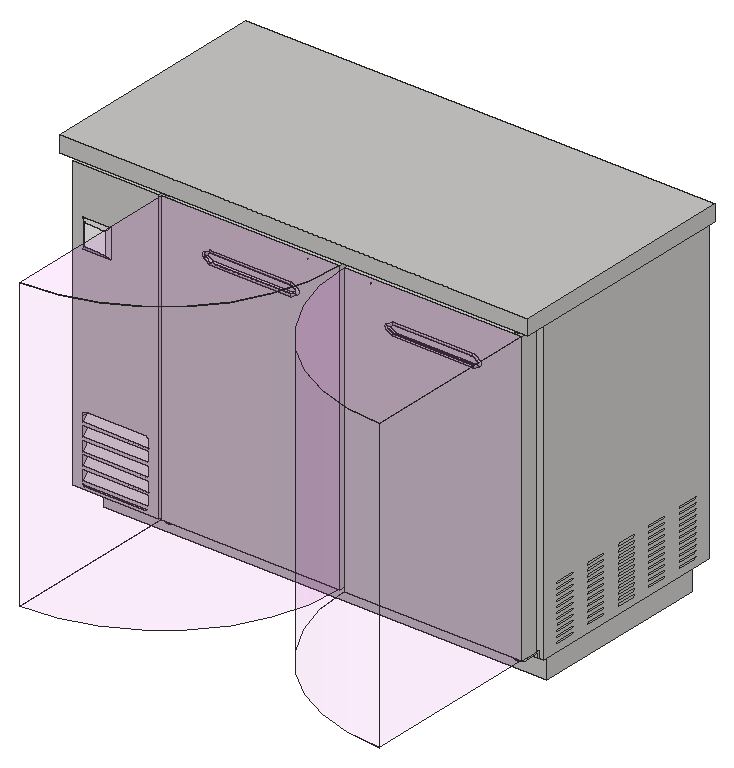
Revit family "QF_Kelvinator_738305_KCHBB48SS", category Specialty Equipment, Revit 2021
Family settings
  Round Connector Dimension = Use Diameter
  Part Type = Normal
  Work Plane-Based = No
  Always vertical = Yes
  Cut with Voids When Loaded = No
  Shared = No
  Room Calculation Point = No
Parameters
  Weight in Pounds = 209.439
  Weight = 98.00 lbm
  Watts = 0 W
  Volts = 115 V
  URL Manufacturer = "KELVINATOR"
  URL Cutsheet = ""
  URL = "KELVINATOR"
  Specification by User = ""
  Specification by Manufacturer = ""
  Serial Number = ""
  Seismic Rating = ""
  SMACNA No = ""
  Revision Code = ""
  Refrigerant Type = "R290"
  Phase = 1
  Number of Poles = 1
  NAFEM Spec ID Number = ""
  Model = "KCHBB48SS"
  Min Ckt Ampacity = 0 A
  Max Overcurrent Protection = 0 A
  Masterspec = ""
  Manufacturer = "Kelvinator"
  Length Actual = 1247"
  Length = 49 1/8"
  Item Number = "738305"
  Installed By = ""
  Identify Quantity as Lot = yes
  Height Actual = 920"
  Height = 36 1/4"
  HP = "0.4 HP"
  Gas KW = 0
  Furnished By = ""
  Foodservice Equipment Identifier = yes
  FL Amps = 3 A
  Electrical Remarks = ""
  Electric Connection Type = ""
  Elec Conn RI Height = 0"
  Elec Conn Connection Height = 0"
  Description = "2-SOLID DOOR BACK BAR COOLER STAINLESS STEEL 49\" LONG"
  Depth Actual = 620"
  Depth = 24 7/16"
  Default Elevation = 0"
  Cycle = 60 Hz
  Conn Plug = "5-15P"
  Conn Conduit = yes
  CSI MasterFormat = ""
  Apparent Power = 0 VA
  Accessory = no
Reference planes (in)
  plane 1 "BACK": y = 0
  plane 2: z = 0
  plane 3 "LEFT": x = 0
  plane 4 "RIGHT": x = 49.125
  plane 5 "FRONT": y = -24.4375
  plane 6 "TOP": z = 36.25
  plane 7 "Center Y": x = 24.5625
  plane 8 "Center X": y = -12.21875
Dimensions and locks (in)
  equal spacing: plane 3 "LEFT", plane 7 "Center Y", plane 4 "RIGHT"
  "Length": plane 3 "LEFT" to plane 4 "RIGHT"
  equal spacing: plane 5 "FRONT", plane 8 "Center X", plane 1 "BACK"
  "Depth": plane 5 "FRONT" to plane 1 "BACK"
  "Height": plane 6 "TOP" to level
  aligned and locked: level to plane 2
Nested families (in)
  nested 1: "KCHBB48S" at (0, 0, 0), type "KCHBB48S"
    with Show Clearance yes
Connectors (in)
  electrical at (24.53125, -0.84, 1.40625), driven by "Volts", driven by "Watts"
    settings: on nested 1, index 1, voltage 115 V, apparent load 0 VA, apparent load phase1 0 VA, apparent load phase2 0 VA, apparent load phase3 0 VA, power factor 1, load classification "Other", number of poles 1, system type 30, power factor state 1, is connector primary yes, connector utility no, sub classification motor no, connector description ""
Definition of nested family "KCHBB48S"
  Parameters (values of type "KCHBB48S")
    Weight in Pounds = 0
    URL Cutsheet = ""
    Specification by User = ""
    Specification by Manufacturer = ""
    Show Clearance [instance] = yes
    Serial Number = ""
    Seismic Rating = ""
    SMACNA No = ""
    Revision Code = ""
    NAFEM Spec ID Number = ""
    Masterspec = ""
    Length = 49 1/8"
    Item Number = ""
    Installed By = ""
    Identify Quantity as Lot = yes
    Height = 36 1/4"
    Furnished By = ""
    Foodservice Equipment Identifier = yes
    Depth = 24 7/16"
    Default Elevation = 0"
    CSI MasterFormat = ""
  Reference planes (in)
    plane 1 "BACK": y = 0
    plane 2: z = 0
    plane 3 "LEFT": x = 0
    plane 4 "RIGHT": x = 49.125
    plane 5 "FRONT": y = -24.4375
    plane 6 "TOP": z = 36.25
    plane 7 "Center Y": x = 24.5625
    plane 8 "Center X": y = -12.21875
    plane 9: x = 48.46875
    plane 10: x = 0.59375
    plane 11: x = 47.96875
    plane 12: x = 29.36875
    plane 13: x = 28.86875
    plane 14: x = 10.26875
    plane 15: x = 9.93375
    plane 16: x = 0.93375
    plane 17: z = 2.75
    plane 18: z = 34.5875
    plane 19: y = -40.8
    plane 20: y = -21.6
    plane 21: x = 1.34375
    plane 22: x = 47.71875
    plane 23: y = -1.34
    plane 24: y = -20.26
    plane 25: z = 33.8375
    plane 26: z = 3.4375
    plane 27: y = -22.1
    plane 28: x = 1.93375
    plane 29: x = 8.93375
  Forms (in)
    Extrusion 1, solid
      sketch origin (0.59375, -180, -2.6612) x (0, 0, -1) y (0, -1, 0)
        loop
          line (-5.4112, -180) -> (-5.4112, -158.4) -> (-37.2487, -158.4) -> (-37.2487, -180) -> (-5.4112, -180)
      from 0 to -47.875
    Extrusion 2, solid
      sketch origin (0, 0, 0) x (0, 1, 0) y (0, 0, 1)
        loop
          line (-24.4375, 36.25) -> (-24.4375, 34.5875) -> (0, 34.5875) -> (0, 36.25) -> (-24.4375, 36.25)
      from 0 to 49.0625
    Extrusion 3, solid
      sketch origin (0, -1.34, 0) x (0, 0, -1) y (1, 0, 0)
        loop
          line (-2.75, 1.34375) -> (0, 1.34375) -> (0, 47.71875) -> (-2.75, 47.71875) -> (-2.75, 1.34375)
      from 0 to 18.92
    Extrusion 4, solid
      sketch origin (0, -22.1, 34.5875) x (0, 0, 1) y (1, 0, 0)
        loop
          line (-0.75, 0.93375) -> (-0.75, 9.93375) -> (-31.15, 9.93375) -> (-31.15, 0.93375) -> (-0.75, 0.93375)
      from 0.5 to -1.75
    Extrusion 5, void
      sketch origin (1.93375, -180, 12.66737) x (0, 0, -1) y (0, -1, 0)
        loop
          line (8.97987, -157.025) -> (8.97987, -154.65) -> (1.85487, -154.65) -> (1.85487, -157.025) -> (2.10487, -157.025) -> (2.97987, -156.15) -> (3.22987, -156.15) -> (3.22987, -157.025) -> (3.47987, -157.025) -> (4.35487, -156.15) -> (4.60487, -156.15) -> (4.60487, -157.025) -> (4.85487, -157.025) -> (5.72987, -156.15) -> (5.97987, -156.15) -> (5.97987, -157.025) -> (6.22987, -157.025) -> (7.10487, -156.15) -> (7.35487, -156.15) -> (7.35487, -157.025) -> (7.60487, -157.025) -> (8.47987, -156.15) -> (8.72987, -156.15) -> (8.72987, -157.025) -> (8.97987, -157.025)
      from 0 to -7
    Extrusion 6, solid
      sketch origin (47.96875, -23.85, 3.4375) x (0, 0, 1) y (-1, 0, 0)
        loop
          line (7.375, 39.535) -> (7.375, 45.535)
          arc (7.375, 45.535) -> (7.22855, 45.88855) -> (6.875, 46.035) r 0.5
          line (6.875, 46.035) -> (0.75, 46.035)
          arc (0.75, 46.035) -> (0.39645, 45.88855) -> (0.25, 45.535) r 0.5
          line (0.25, 45.535) -> (0.25, 39.535)
          arc (0.25, 39.535) -> (0.39645, 39.18145) -> (0.75, 39.035) r 0.5
          line (0.75, 39.035) -> (6.875, 39.035)
          arc (6.875, 39.035) -> (7.22855, 39.18145) -> (7.375, 39.535) r 0.5
        loop
          line (7.625, 39.535) -> (7.625, 45.535)
          arc (7.625, 45.535) -> (7.40533, 46.06533) -> (6.875, 46.285) r 0.75
          line (6.875, 46.285) -> (0.75, 46.285)
          arc (0.75, 46.285) -> (0.21967, 46.06533) -> (0, 45.535) r 0.75
          line (0, 45.535) -> (0, 39.535)
          arc (0, 39.535) -> (0.21967, 39.00467) -> (0.75, 38.785) r 0.75
          line (0.75, 38.785) -> (6.875, 38.785)
          arc (6.875, 38.785) -> (7.40533, 39.00467) -> (7.625, 39.535) r 0.75
      from 0 to -0.875
    Blend 7, solid
      base sketch origin (47.96875, -23.85, 3.4375) x (0, 0, 1) y (-1, 0, 0)
        loop
          line (25.18493, 45.65025) -> (22.93493, 45.65025) -> (22.93493, 43.40025) -> (25.18493, 43.40025) -> (25.18493, 45.65025)
      top sketch origin (47.96875, -23.85, 3.4375) x (0, 0, 1) y (-1, 0, 0)
        loop
          line (25.56493, 46.03025) -> (22.55493, 46.03025) -> (22.55493, 43.02025) -> (25.56493, 43.02025) -> (25.56493, 46.03025)
      from 0.21643 to 0
    Extrusion 8, void
      sketch origin (0.59375, -180, -2.6612) x (0, 0, 1) y (0, -1, 0)
        loop
          arc (12.13379, -160.16063) -> (11.97754, -160.00438) -> (11.82129, -160.16063) r 0.15625
          line (11.82129, -160.16063) -> (11.82129, -162.09813)
          arc (11.82129, -162.09813) -> (11.97754, -162.25438) -> (12.13379, -162.09813) r 0.15625
          line (12.13379, -162.09813) -> (12.13379, -160.16063)
        loop
          arc (11.57129, -160.16063) -> (11.41504, -160.00438) -> (11.25879, -160.16063) r 0.15625
          line (11.25879, -160.16063) -> (11.25879, -162.09813)
          arc (11.25879, -162.09813) -> (11.41504, -162.25438) -> (11.57129, -162.09813) r 0.15625
          line (11.57129, -162.09813) -> (11.57129, -160.16063)
        loop
          arc (11.00879, -160.16063) -> (10.85254, -160.00438) -> (10.69629, -160.16063) r 0.15625
          line (10.69629, -160.16063) -> (10.69629, -162.09813)
          arc (10.69629, -162.09813) -> (10.85254, -162.25438) -> (11.00879, -162.09813) r 0.15625
          line (11.00879, -162.09813) -> (11.00879, -160.16063)
        loop
          arc (10.44629, -160.16063) -> (10.29004, -160.00438) -> (10.13379, -160.16063) r 0.15625
          line (10.13379, -160.16063) -> (10.13379, -162.09813)
          arc (10.13379, -162.09813) -> (10.29004, -162.25438) -> (10.44629, -162.09813) r 0.15625
          line (10.44629, -162.09813) -> (10.44629, -160.16063)
        loop
          arc (9.88379, -160.16063) -> (9.72754, -160.00438) -> (9.57129, -160.16063) r 0.15625
          line (9.57129, -160.16063) -> (9.57129, -162.09813)
          arc (9.57129, -162.09813) -> (9.72754, -162.25438) -> (9.88379, -162.09813) r 0.15625
          line (9.88379, -162.09813) -> (9.88379, -160.16063)
        loop
          arc (9.32129, -160.16063) -> (9.16504, -160.00438) -> (9.00879, -160.16063) r 0.15625
          line (9.00879, -160.16063) -> (9.00879, -162.09813)
          arc (9.00879, -162.09813) -> (9.16504, -162.25438) -> (9.32129, -162.09813) r 0.15625
          line (9.32129, -162.09813) -> (9.32129, -160.16063)
        loop
          arc (8.75879, -160.16063) -> (8.60254, -160.00438) -> (8.44629, -160.16063) r 0.15625
          line (8.44629, -160.16063) -> (8.44629, -162.09813)
          arc (8.44629, -162.09813) -> (8.60254, -162.25438) -> (8.75879, -162.09813) r 0.15625
          line (8.75879, -162.09813) -> (8.75879, -160.16063)
        loop
          arc (8.19629, -160.16063) -> (8.04004, -160.00438) -> (7.88379, -160.16063) r 0.15625
          line (7.88379, -160.16063) -> (7.88379, -162.09813)
          arc (7.88379, -162.09813) -> (8.04004, -162.25438) -> (8.19629, -162.09813) r 0.15625
          line (8.19629, -162.09813) -> (8.19629, -160.16063)
        loop
          arc (7.63379, -160.16063) -> (7.47754, -160.00438) -> (7.32129, -160.16063) r 0.15625
          line (7.32129, -160.16063) -> (7.32129, -162.09813)
          arc (7.32129, -162.09813) -> (7.47754, -162.25438) -> (7.63379, -162.09813) r 0.15625
          line (7.63379, -162.09813) -> (7.63379, -160.16063)
        loop
          arc (7.07129, -160.16063) -> (6.91504, -160.00438) -> (6.75879, -160.16063) r 0.15625
          line (6.75879, -160.16063) -> (6.75879, -162.09813)
          arc (6.75879, -162.09813) -> (6.91504, -162.25438) -> (7.07129, -162.09813) r 0.15625
          line (7.07129, -162.09813) -> (7.07129, -160.16063)
        loop
          arc (6.50879, -160.16063) -> (6.35254, -160.00438) -> (6.19629, -160.16063) r 0.15625
          line (6.19629, -160.16063) -> (6.19629, -162.09813)
          arc (6.19629, -162.09813) -> (6.35254, -162.25438) -> (6.50879, -162.09813) r 0.15625
          line (6.50879, -162.09813) -> (6.50879, -160.16063)
        loop
          arc (12.13379, -164.16063) -> (11.97754, -164.00438) -> (11.82129, -164.16063) r 0.15625
          line (11.82129, -164.16063) -> (11.82129, -166.09813)
          arc (11.82129, -166.09813) -> (11.97754, -166.25438) -> (12.13379, -166.09813) r 0.15625
          line (12.13379, -166.09813) -> (12.13379, -164.16063)
        loop
          arc (11.57129, -164.16063) -> (11.41504, -164.00438) -> (11.25879, -164.16063) r 0.15625
          line (11.25879, -164.16063) -> (11.25879, -166.09813)
          arc (11.25879, -166.09813) -> (11.41504, -166.25438) -> (11.57129, -166.09813) r 0.15625
          line (11.57129, -166.09813) -> (11.57129, -164.16063)
        loop
          arc (11.00879, -164.16063) -> (10.85254, -164.00438) -> (10.69629, -164.16063) r 0.15625
          line (10.69629, -164.16063) -> (10.69629, -166.09813)
          arc (10.69629, -166.09813) -> (10.85254, -166.25438) -> (11.00879, -166.09813) r 0.15625
          line (11.00879, -166.09813) -> (11.00879, -164.16063)
        loop
          arc (10.44629, -164.16063) -> (10.29004, -164.00438) -> (10.13379, -164.16063) r 0.15625
          line (10.13379, -164.16063) -> (10.13379, -166.09813)
          arc (10.13379, -166.09813) -> (10.29004, -166.25438) -> (10.44629, -166.09813) r 0.15625
          line (10.44629, -166.09813) -> (10.44629, -164.16063)
        loop
          arc (9.88379, -164.16063) -> (9.72754, -164.00438) -> (9.57129, -164.16063) r 0.15625
          line (9.57129, -164.16063) -> (9.57129, -166.09813)
          arc (9.57129, -166.09813) -> (9.72754, -166.25438) -> (9.88379, -166.09813) r 0.15625
          line (9.88379, -166.09813) -> (9.88379, -164.16063)
        loop
          arc (9.32129, -164.16063) -> (9.16504, -164.00438) -> (9.00879, -164.16063) r 0.15625
          line (9.00879, -164.16063) -> (9.00879, -166.09813)
          arc (9.00879, -166.09813) -> (9.16504, -166.25438) -> (9.32129, -166.09813) r 0.15625
          line (9.32129, -166.09813) -> (9.32129, -164.16063)
        loop
          arc (8.75879, -164.16063) -> (8.60254, -164.00438) -> (8.44629, -164.16063) r 0.15625
          line (8.44629, -164.16063) -> (8.44629, -166.09813)
          arc (8.44629, -166.09813) -> (8.60254, -166.25438) -> (8.75879, -166.09813) r 0.15625
          line (8.75879, -166.09813) -> (8.75879, -164.16063)
        loop
          arc (8.19629, -164.16063) -> (8.04004, -164.00438) -> (7.88379, -164.16063) r 0.15625
          line (7.88379, -164.16063) -> (7.88379, -166.09813)
          arc (7.88379, -166.09813) -> (8.04004, -166.25438) -> (8.19629, -166.09813) r 0.15625
          line (8.19629, -166.09813) -> (8.19629, -164.16063)
        loop
          arc (7.63379, -164.16063) -> (7.47754, -164.00438) -> (7.32129, -164.16063) r 0.15625
          line (7.32129, -164.16063) -> (7.32129, -166.09813)
          arc (7.32129, -166.09813) -> (7.47754, -166.25438) -> (7.63379, -166.09813) r 0.15625
          line (7.63379, -166.09813) -> (7.63379, -164.16063)
        loop
          arc (7.07129, -164.16063) -> (6.91504, -164.00438) -> (6.75879, -164.16063) r 0.15625
          line (6.75879, -164.16063) -> (6.75879, -166.09813)
          arc (6.75879, -166.09813) -> (6.91504, -166.25438) -> (7.07129, -166.09813) r 0.15625
          line (7.07129, -166.09813) -> (7.07129, -164.16063)
        loop
          arc (6.50879, -164.16063) -> (6.35254, -164.00438) -> (6.19629, -164.16063) r 0.15625
          line (6.19629, -164.16063) -> (6.19629, -166.09813)
          arc (6.19629, -166.09813) -> (6.35254, -166.25438) -> (6.50879, -166.09813) r 0.15625
          line (6.50879, -166.09813) -> (6.50879, -164.16063)
        loop
          arc (12.13379, -168.16063) -> (11.97754, -168.00438) -> (11.82129, -168.16063) r 0.15625
          line (11.82129, -168.16063) -> (11.82129, -170.09813)
          arc (11.82129, -170.09813) -> (11.97754, -170.25438) -> (12.13379, -170.09813) r 0.15625
          line (12.13379, -170.09813) -> (12.13379, -168.16063)
        loop
          arc (11.57129, -168.16063) -> (11.41504, -168.00438) -> (11.25879, -168.16063) r 0.15625
          line (11.25879, -168.16063) -> (11.25879, -170.09813)
          arc (11.25879, -170.09813) -> (11.41504, -170.25438) -> (11.57129, -170.09813) r 0.15625
          line (11.57129, -170.09813) -> (11.57129, -168.16063)
        loop
          arc (11.00879, -168.16063) -> (10.85254, -168.00438) -> (10.69629, -168.16063) r 0.15625
          line (10.69629, -168.16063) -> (10.69629, -170.09813)
          arc (10.69629, -170.09813) -> (10.85254, -170.25438) -> (11.00879, -170.09813) r 0.15625
          line (11.00879, -170.09813) -> (11.00879, -168.16063)
        loop
          arc (10.44629, -168.16063) -> (10.29004, -168.00438) -> (10.13379, -168.16063) r 0.15625
          line (10.13379, -168.16063) -> (10.13379, -170.09813)
          arc (10.13379, -170.09813) -> (10.29004, -170.25438) -> (10.44629, -170.09813) r 0.15625
          line (10.44629, -170.09813) -> (10.44629, -168.16063)
        loop
          arc (9.88379, -168.16063) -> (9.72754, -168.00438) -> (9.57129, -168.16063) r 0.15625
          line (9.57129, -168.16063) -> (9.57129, -170.09813)
          arc (9.57129, -170.09813) -> (9.72754, -170.25438) -> (9.88379, -170.09813) r 0.15625
          line (9.88379, -170.09813) -> (9.88379, -168.16063)
        loop
          arc (9.32129, -168.16063) -> (9.16504, -168.00438) -> (9.00879, -168.16063) r 0.15625
          line (9.00879, -168.16063) -> (9.00879, -170.09813)
          arc (9.00879, -170.09813) -> (9.16504, -170.25438) -> (9.32129, -170.09813) r 0.15625
          line (9.32129, -170.09813) -> (9.32129, -168.16063)
        loop
          arc (8.75879, -168.16063) -> (8.60254, -168.00438) -> (8.44629, -168.16063) r 0.15625
          line (8.44629, -168.16063) -> (8.44629, -170.09813)
          arc (8.44629, -170.09813) -> (8.60254, -170.25438) -> (8.75879, -170.09813) r 0.15625
          line (8.75879, -170.09813) -> (8.75879, -168.16063)
        loop
          arc (8.19629, -168.16063) -> (8.04004, -168.00438) -> (7.88379, -168.16063) r 0.15625
          line (7.88379, -168.16063) -> (7.88379, -170.09813)
          arc (7.88379, -170.09813) -> (8.04004, -170.25438) -> (8.19629, -170.09813) r 0.15625
          line (8.19629, -170.09813) -> (8.19629, -168.16063)
        loop
          arc (7.63379, -168.16063) -> (7.47754, -168.00438) -> (7.32129, -168.16063) r 0.15625
          line (7.32129, -168.16063) -> (7.32129, -170.09813)
          arc (7.32129, -170.09813) -> (7.47754, -170.25438) -> (7.63379, -170.09813) r 0.15625
          line (7.63379, -170.09813) -> (7.63379, -168.16063)
        loop
          arc (7.07129, -168.16063) -> (6.91504, -168.00438) -> (6.75879, -168.16063) r 0.15625
          line (6.75879, -168.16063) -> (6.75879, -170.09813)
          arc (6.75879, -170.09813) -> (6.91504, -170.25438) -> (7.07129, -170.09813) r 0.15625
          line (7.07129, -170.09813) -> (7.07129, -168.16063)
        loop
          arc (6.50879, -168.16063) -> (6.35254, -168.00438) -> (6.19629, -168.16063) r 0.15625
          line (6.19629, -168.16063) -> (6.19629, -170.09813)
          arc (6.19629, -170.09813) -> (6.35254, -170.25438) -> (6.50879, -170.09813) r 0.15625
          line (6.50879, -170.09813) -> (6.50879, -168.16063)
        loop
          arc (12.13379, -172.16063) -> (11.97754, -172.00438) -> (11.82129, -172.16063) r 0.15625
          line (11.82129, -172.16063) -> (11.82129, -174.09813)
          arc (11.82129, -174.09813) -> (11.97754, -174.25438) -> (12.13379, -174.09813) r 0.15625
          line (12.13379, -174.09813) -> (12.13379, -172.16063)
        loop
          arc (11.57129, -172.16063) -> (11.41504, -172.00438) -> (11.25879, -172.16063) r 0.15625
          line (11.25879, -172.16063) -> (11.25879, -174.09813)
          arc (11.25879, -174.09813) -> (11.41504, -174.25438) -> (11.57129, -174.09813) r 0.15625
          line (11.57129, -174.09813) -> (11.57129, -172.16063)
        loop
          arc (11.00879, -172.16063) -> (10.85254, -172.00438) -> (10.69629, -172.16063) r 0.15625
          line (10.69629, -172.16063) -> (10.69629, -174.09813)
          arc (10.69629, -174.09813) -> (10.85254, -174.25438) -> (11.00879, -174.09813) r 0.15625
          line (11.00879, -174.09813) -> (11.00879, -172.16063)
        loop
          arc (10.44629, -172.16063) -> (10.29004, -172.00438) -> (10.13379, -172.16063) r 0.15625
          line (10.13379, -172.16063) -> (10.13379, -174.09813)
          arc (10.13379, -174.09813) -> (10.29004, -174.25438) -> (10.44629, -174.09813) r 0.15625
          line (10.44629, -174.09813) -> (10.44629, -172.16063)
        loop
          arc (9.88379, -172.16063) -> (9.72754, -172.00438) -> (9.57129, -172.16063) r 0.15625
          line (9.57129, -172.16063) -> (9.57129, -174.09813)
          arc (9.57129, -174.09813) -> (9.72754, -174.25438) -> (9.88379, -174.09813) r 0.15625
          line (9.88379, -174.09813) -> (9.88379, -172.16063)
        loop
          arc (9.32129, -172.16063) -> (9.16504, -172.00438) -> (9.00879, -172.16063) r 0.15625
          line (9.00879, -172.16063) -> (9.00879, -174.09813)
          arc (9.00879, -174.09813) -> (9.16504, -174.25438) -> (9.32129, -174.09813) r 0.15625
          line (9.32129, -174.09813) -> (9.32129, -172.16063)
        loop
          arc (8.75879, -172.16063) -> (8.60254, -172.00438) -> (8.44629, -172.16063) r 0.15625
          line (8.44629, -172.16063) -> (8.44629, -174.09813)
          arc (8.44629, -174.09813) -> (8.60254, -174.25438) -> (8.75879, -174.09813) r 0.15625
          line (8.75879, -174.09813) -> (8.75879, -172.16063)
        loop
          arc (8.19629, -172.16063) -> (8.04004, -172.00438) -> (7.88379, -172.16063) r 0.15625
          line (7.88379, -172.16063) -> (7.88379, -174.09813)
          arc (7.88379, -174.09813) -> (8.04004, -174.25438) -> (8.19629, -174.09813) r 0.15625
          line (8.19629, -174.09813) -> (8.19629, -172.16063)
        loop
          arc (7.63379, -172.16063) -> (7.47754, -172.00438) -> (7.32129, -172.16063) r 0.15625
          line (7.32129, -172.16063) -> (7.32129, -174.09813)
          arc (7.32129, -174.09813) -> (7.47754, -174.25438) -> (7.63379, -174.09813) r 0.15625
          line (7.63379, -174.09813) -> (7.63379, -172.16063)
        loop
          arc (7.07129, -172.16063) -> (6.91504, -172.00438) -> (6.75879, -172.16063) r 0.15625
          line (6.75879, -172.16063) -> (6.75879, -174.09813)
          arc (6.75879, -174.09813) -> (6.91504, -174.25438) -> (7.07129, -174.09813) r 0.15625
          line (7.07129, -174.09813) -> (7.07129, -172.16063)
        loop
          arc (6.50879, -172.16063) -> (6.35254, -172.00438) -> (6.19629, -172.16063) r 0.15625
          line (6.19629, -172.16063) -> (6.19629, -174.09813)
          arc (6.19629, -174.09813) -> (6.35254, -174.25438) -> (6.50879, -174.09813) r 0.15625
          line (6.50879, -174.09813) -> (6.50879, -172.16063)
        loop
          arc (12.13379, -176.16063) -> (11.97754, -176.00438) -> (11.82129, -176.16063) r 0.15625
          line (11.82129, -176.16063) -> (11.82129, -178.09813)
          arc (11.82129, -178.09813) -> (11.97754, -178.25438) -> (12.13379, -178.09813) r 0.15625
          line (12.13379, -178.09813) -> (12.13379, -176.16063)
        loop
          arc (11.57129, -176.16063) -> (11.41504, -176.00438) -> (11.25879, -176.16063) r 0.15625
          line (11.25879, -176.16063) -> (11.25879, -178.09813)
          arc (11.25879, -178.09813) -> (11.41504, -178.25438) -> (11.57129, -178.09813) r 0.15625
          line (11.57129, -178.09813) -> (11.57129, -176.16063)
        loop
          arc (11.00879, -176.16063) -> (10.85254, -176.00438) -> (10.69629, -176.16063) r 0.15625
          line (10.69629, -176.16063) -> (10.69629, -178.09813)
          arc (10.69629, -178.09813) -> (10.85254, -178.25438) -> (11.00879, -178.09813) r 0.15625
          line (11.00879, -178.09813) -> (11.00879, -176.16063)
        loop
          arc (10.44629, -176.16063) -> (10.29004, -176.00438) -> (10.13379, -176.16063) r 0.15625
          line (10.13379, -176.16063) -> (10.13379, -178.09813)
          arc (10.13379, -178.09813) -> (10.29004, -178.25438) -> (10.44629, -178.09813) r 0.15625
          line (10.44629, -178.09813) -> (10.44629, -176.16063)
        loop
          arc (9.88379, -176.16063) -> (9.72754, -176.00438) -> (9.57129, -176.16063) r 0.15625
          line (9.57129, -176.16063) -> (9.57129, -178.09813)
          arc (9.57129, -178.09813) -> (9.72754, -178.25438) -> (9.88379, -178.09813) r 0.15625
          line (9.88379, -178.09813) -> (9.88379, -176.16063)
        loop
          arc (9.32129, -176.16063) -> (9.16504, -176.00438) -> (9.00879, -176.16063) r 0.15625
          line (9.00879, -176.16063) -> (9.00879, -178.09813)
          arc (9.00879, -178.09813) -> (9.16504, -178.25438) -> (9.32129, -178.09813) r 0.15625
          line (9.32129, -178.09813) -> (9.32129, -176.16063)
        loop
          arc (8.75879, -176.16063) -> (8.60254, -176.00438) -> (8.44629, -176.16063) r 0.15625
          line (8.44629, -176.16063) -> (8.44629, -178.09813)
          arc (8.44629, -178.09813) -> (8.60254, -178.25438) -> (8.75879, -178.09813) r 0.15625
          line (8.75879, -178.09813) -> (8.75879, -176.16063)
        loop
          arc (8.19629, -176.16063) -> (8.04004, -176.00438) -> (7.88379, -176.16063) r 0.15625
          line (7.88379, -176.16063) -> (7.88379, -178.09813)
          arc (7.88379, -178.09813) -> (8.04004, -178.25438) -> (8.19629, -178.09813) r 0.15625
          line (8.19629, -178.09813) -> (8.19629, -176.16063)
        loop
          arc (7.63379, -176.16063) -> (7.47754, -176.00438) -> (7.32129, -176.16063) r 0.15625
          line (7.32129, -176.16063) -> (7.32129, -178.09813)
          arc (7.32129, -178.09813) -> (7.47754, -178.25438) -> (7.63379, -178.09813) r 0.15625
          line (7.63379, -178.09813) -> (7.63379, -176.16063)
        loop
          arc (7.07129, -176.16063) -> (6.91504, -176.00438) -> (6.75879, -176.16063) r 0.15625
          line (6.75879, -176.16063) -> (6.75879, -178.09813)
          arc (6.75879, -178.09813) -> (6.91504, -178.25438) -> (7.07129, -178.09813) r 0.15625
          line (7.07129, -178.09813) -> (7.07129, -176.16063)
        loop
          arc (6.50879, -176.16063) -> (6.35254, -176.00438) -> (6.19629, -176.16063) r 0.15625
          line (6.19629, -176.16063) -> (6.19629, -178.09813)
          arc (6.19629, -178.09813) -> (6.35254, -178.25438) -> (6.50879, -178.09813) r 0.15625
          line (6.50879, -178.09813) -> (6.50879, -176.16063)
      from 0 to 0.03
    Extrusion 9, void
      sketch origin (48.46875, -180, -2.6612) x (0, 0, 1) y (0, 1, 0)
        loop
          line (12.07129, 160.16063) -> (12.07129, 162.09813)
          arc (12.07129, 162.09813) -> (11.91504, 162.25438) -> (11.75879, 162.09813) r 0.15625
          line (11.75879, 162.09813) -> (11.75879, 160.16063)
          arc (11.75879, 160.16063) -> (11.91504, 160.00438) -> (12.07129, 160.16063) r 0.15625
        loop
          line (11.50879, 160.16063) -> (11.50879, 162.09813)
          arc (11.50879, 162.09813) -> (11.35254, 162.25438) -> (11.19629, 162.09813) r 0.15625
          line (11.19629, 162.09813) -> (11.19629, 160.16063)
          arc (11.19629, 160.16063) -> (11.35254, 160.00438) -> (11.50879, 160.16063) r 0.15625
        loop
          line (10.94629, 160.16063) -> (10.94629, 162.09813)
          arc (10.94629, 162.09813) -> (10.79004, 162.25438) -> (10.63379, 162.09813) r 0.15625
          line (10.63379, 162.09813) -> (10.63379, 160.16063)
          arc (10.63379, 160.16063) -> (10.79004, 160.00438) -> (10.94629, 160.16063) r 0.15625
        loop
          line (10.38379, 160.16063) -> (10.38379, 162.09813)
          arc (10.38379, 162.09813) -> (10.22754, 162.25438) -> (10.07129, 162.09813) r 0.15625
          line (10.07129, 162.09813) -> (10.07129, 160.16063)
          arc (10.07129, 160.16063) -> (10.22754, 160.00438) -> (10.38379, 160.16063) r 0.15625
        loop
          line (9.82129, 160.16063) -> (9.82129, 162.09813)
          arc (9.82129, 162.09813) -> (9.66504, 162.25438) -> (9.50879, 162.09813) r 0.15625
          line (9.50879, 162.09813) -> (9.50879, 160.16063)
          arc (9.50879, 160.16063) -> (9.66504, 160.00438) -> (9.82129, 160.16063) r 0.15625
        loop
          line (9.25879, 160.16063) -> (9.25879, 162.09813)
          arc (9.25879, 162.09813) -> (9.10254, 162.25438) -> (8.94629, 162.09813) r 0.15625
          line (8.94629, 162.09813) -> (8.94629, 160.16063)
          arc (8.94629, 160.16063) -> (9.10254, 160.00438) -> (9.25879, 160.16063) r 0.15625
        loop
          line (8.69629, 160.16063) -> (8.69629, 162.09813)
          arc (8.69629, 162.09813) -> (8.54004, 162.25438) -> (8.38379, 162.09813) r 0.15625
          line (8.38379, 162.09813) -> (8.38379, 160.16063)
          arc (8.38379, 160.16063) -> (8.54004, 160.00438) -> (8.69629, 160.16063) r 0.15625
        loop
          line (8.13379, 160.16063) -> (8.13379, 162.09813)
          arc (8.13379, 162.09813) -> (7.97754, 162.25438) -> (7.82129, 162.09813) r 0.15625
          line (7.82129, 162.09813) -> (7.82129, 160.16063)
          arc (7.82129, 160.16063) -> (7.97754, 160.00438) -> (8.13379, 160.16063) r 0.15625
        loop
          line (7.57129, 160.16063) -> (7.57129, 162.09813)
          arc (7.57129, 162.09813) -> (7.41504, 162.25438) -> (7.25879, 162.09813) r 0.15625
          line (7.25879, 162.09813) -> (7.25879, 160.16063)
          arc (7.25879, 160.16063) -> (7.41504, 160.00438) -> (7.57129, 160.16063) r 0.15625
        loop
          line (7.00879, 160.16063) -> (7.00879, 162.09813)
          arc (7.00879, 162.09813) -> (6.85254, 162.25438) -> (6.69629, 162.09813) r 0.15625
          line (6.69629, 162.09813) -> (6.69629, 160.16063)
          arc (6.69629, 160.16063) -> (6.85254, 160.00438) -> (7.00879, 160.16063) r 0.15625
        loop
          line (6.44629, 160.16063) -> (6.44629, 162.09813)
          arc (6.44629, 162.09813) -> (6.29004, 162.25438) -> (6.13379, 162.09813) r 0.15625
          line (6.13379, 162.09813) -> (6.13379, 160.16063)
          arc (6.13379, 160.16063) -> (6.29004, 160.00438) -> (6.44629, 160.16063) r 0.15625
        loop
          line (12.07129, 164.16063) -> (12.07129, 166.09813)
          arc (12.07129, 166.09813) -> (11.91504, 166.25438) -> (11.75879, 166.09813) r 0.15625
          line (11.75879, 166.09813) -> (11.75879, 164.16063)
          arc (11.75879, 164.16063) -> (11.91504, 164.00438) -> (12.07129, 164.16063) r 0.15625
        loop
          line (11.50879, 164.16063) -> (11.50879, 166.09813)
          arc (11.50879, 166.09813) -> (11.35254, 166.25438) -> (11.19629, 166.09813) r 0.15625
          line (11.19629, 166.09813) -> (11.19629, 164.16063)
          arc (11.19629, 164.16063) -> (11.35254, 164.00438) -> (11.50879, 164.16063) r 0.15625
        loop
          line (10.94629, 164.16063) -> (10.94629, 166.09813)
          arc (10.94629, 166.09813) -> (10.79004, 166.25438) -> (10.63379, 166.09813) r 0.15625
          line (10.63379, 166.09813) -> (10.63379, 164.16063)
          arc (10.63379, 164.16063) -> (10.79004, 164.00438) -> (10.94629, 164.16063) r 0.15625
        loop
          line (10.38379, 164.16063) -> (10.38379, 166.09813)
          arc (10.38379, 166.09813) -> (10.22754, 166.25438) -> (10.07129, 166.09813) r 0.15625
          line (10.07129, 166.09813) -> (10.07129, 164.16063)
          arc (10.07129, 164.16063) -> (10.22754, 164.00438) -> (10.38379, 164.16063) r 0.15625
        loop
          line (9.82129, 164.16063) -> (9.82129, 166.09813)
          arc (9.82129, 166.09813) -> (9.66504, 166.25438) -> (9.50879, 166.09813) r 0.15625
          line (9.50879, 166.09813) -> (9.50879, 164.16063)
          arc (9.50879, 164.16063) -> (9.66504, 164.00438) -> (9.82129, 164.16063) r 0.15625
        loop
          line (9.25879, 164.16063) -> (9.25879, 166.09813)
          arc (9.25879, 166.09813) -> (9.10254, 166.25438) -> (8.94629, 166.09813) r 0.15625
          line (8.94629, 166.09813) -> (8.94629, 164.16063)
          arc (8.94629, 164.16063) -> (9.10254, 164.00438) -> (9.25879, 164.16063) r 0.15625
        loop
          line (8.69629, 164.16063) -> (8.69629, 166.09813)
          arc (8.69629, 166.09813) -> (8.54004, 166.25438) -> (8.38379, 166.09813) r 0.15625
          line (8.38379, 166.09813) -> (8.38379, 164.16063)
          arc (8.38379, 164.16063) -> (8.54004, 164.00438) -> (8.69629, 164.16063) r 0.15625
        loop
          line (8.13379, 164.16063) -> (8.13379, 166.09813)
          arc (8.13379, 166.09813) -> (7.97754, 166.25438) -> (7.82129, 166.09813) r 0.15625
          line (7.82129, 166.09813) -> (7.82129, 164.16063)
          arc (7.82129, 164.16063) -> (7.97754, 164.00438) -> (8.13379, 164.16063) r 0.15625
        loop
          line (7.57129, 164.16063) -> (7.57129, 166.09813)
          arc (7.57129, 166.09813) -> (7.41504, 166.25438) -> (7.25879, 166.09813) r 0.15625
          line (7.25879, 166.09813) -> (7.25879, 164.16063)
          arc (7.25879, 164.16063) -> (7.41504, 164.00438) -> (7.57129, 164.16063) r 0.15625
        loop
          line (7.00879, 164.16063) -> (7.00879, 166.09813)
          arc (7.00879, 166.09813) -> (6.85254, 166.25438) -> (6.69629, 166.09813) r 0.15625
          line (6.69629, 166.09813) -> (6.69629, 164.16063)
          arc (6.69629, 164.16063) -> (6.85254, 164.00438) -> (7.00879, 164.16063) r 0.15625
        loop
          line (6.44629, 164.16063) -> (6.44629, 166.09813)
          arc (6.44629, 166.09813) -> (6.29004, 166.25438) -> (6.13379, 166.09813) r 0.15625
          line (6.13379, 166.09813) -> (6.13379, 164.16063)
          arc (6.13379, 164.16063) -> (6.29004, 164.00438) -> (6.44629, 164.16063) r 0.15625
        loop
          line (12.07129, 168.16063) -> (12.07129, 170.09813)
          arc (12.07129, 170.09813) -> (11.91504, 170.25438) -> (11.75879, 170.09813) r 0.15625
          line (11.75879, 170.09813) -> (11.75879, 168.16063)
          arc (11.75879, 168.16063) -> (11.91504, 168.00438) -> (12.07129, 168.16063) r 0.15625
        loop
          line (11.50879, 168.16063) -> (11.50879, 170.09813)
          arc (11.50879, 170.09813) -> (11.35254, 170.25438) -> (11.19629, 170.09813) r 0.15625
          line (11.19629, 170.09813) -> (11.19629, 168.16063)
          arc (11.19629, 168.16063) -> (11.35254, 168.00438) -> (11.50879, 168.16063) r 0.15625
        loop
          line (10.94629, 168.16063) -> (10.94629, 170.09813)
          arc (10.94629, 170.09813) -> (10.79004, 170.25438) -> (10.63379, 170.09813) r 0.15625
          line (10.63379, 170.09813) -> (10.63379, 168.16063)
          arc (10.63379, 168.16063) -> (10.79004, 168.00438) -> (10.94629, 168.16063) r 0.15625
        loop
          line (10.38379, 168.16063) -> (10.38379, 170.09813)
          arc (10.38379, 170.09813) -> (10.22754, 170.25438) -> (10.07129, 170.09813) r 0.15625
          line (10.07129, 170.09813) -> (10.07129, 168.16063)
          arc (10.07129, 168.16063) -> (10.22754, 168.00438) -> (10.38379, 168.16063) r 0.15625
        loop
          line (9.82129, 168.16063) -> (9.82129, 170.09813)
          arc (9.82129, 170.09813) -> (9.66504, 170.25438) -> (9.50879, 170.09813) r 0.15625
          line (9.50879, 170.09813) -> (9.50879, 168.16063)
          arc (9.50879, 168.16063) -> (9.66504, 168.00438) -> (9.82129, 168.16063) r 0.15625
        loop
          line (9.25879, 168.16063) -> (9.25879, 170.09813)
          arc (9.25879, 170.09813) -> (9.10254, 170.25438) -> (8.94629, 170.09813) r 0.15625
          line (8.94629, 170.09813) -> (8.94629, 168.16063)
          arc (8.94629, 168.16063) -> (9.10254, 168.00438) -> (9.25879, 168.16063) r 0.15625
        loop
          line (8.69629, 168.16063) -> (8.69629, 170.09813)
          arc (8.69629, 170.09813) -> (8.54004, 170.25438) -> (8.38379, 170.09813) r 0.15625
          line (8.38379, 170.09813) -> (8.38379, 168.16063)
          arc (8.38379, 168.16063) -> (8.54004, 168.00438) -> (8.69629, 168.16063) r 0.15625
        loop
          line (8.13379, 168.16063) -> (8.13379, 170.09813)
          arc (8.13379, 170.09813) -> (7.97754, 170.25438) -> (7.82129, 170.09813) r 0.15625
          line (7.82129, 170.09813) -> (7.82129, 168.16063)
          arc (7.82129, 168.16063) -> (7.97754, 168.00438) -> (8.13379, 168.16063) r 0.15625
        loop
          line (7.57129, 168.16063) -> (7.57129, 170.09813)
          arc (7.57129, 170.09813) -> (7.41504, 170.25438) -> (7.25879, 170.09813) r 0.15625
          line (7.25879, 170.09813) -> (7.25879, 168.16063)
          arc (7.25879, 168.16063) -> (7.41504, 168.00438) -> (7.57129, 168.16063) r 0.15625
        loop
          line (7.00879, 168.16063) -> (7.00879, 170.09813)
          arc (7.00879, 170.09813) -> (6.85254, 170.25438) -> (6.69629, 170.09813) r 0.15625
          line (6.69629, 170.09813) -> (6.69629, 168.16063)
          arc (6.69629, 168.16063) -> (6.85254, 168.00438) -> (7.00879, 168.16063) r 0.15625
        loop
          line (6.44629, 168.16063) -> (6.44629, 170.09813)
          arc (6.44629, 170.09813) -> (6.29004, 170.25438) -> (6.13379, 170.09813) r 0.15625
          line (6.13379, 170.09813) -> (6.13379, 168.16063)
          arc (6.13379, 168.16063) -> (6.29004, 168.00438) -> (6.44629, 168.16063) r 0.15625
        loop
          line (12.07129, 172.16063) -> (12.07129, 174.09813)
          arc (12.07129, 174.09813) -> (11.91504, 174.25438) -> (11.75879, 174.09813) r 0.15625
          line (11.75879, 174.09813) -> (11.75879, 172.16063)
          arc (11.75879, 172.16063) -> (11.91504, 172.00438) -> (12.07129, 172.16063) r 0.15625
        loop
          line (11.50879, 172.16063) -> (11.50879, 174.09813)
          arc (11.50879, 174.09813) -> (11.35254, 174.25438) -> (11.19629, 174.09813) r 0.15625
          line (11.19629, 174.09813) -> (11.19629, 172.16063)
          arc (11.19629, 172.16063) -> (11.35254, 172.00438) -> (11.50879, 172.16063) r 0.15625
        loop
          line (10.94629, 172.16063) -> (10.94629, 174.09813)
          arc (10.94629, 174.09813) -> (10.79004, 174.25438) -> (10.63379, 174.09813) r 0.15625
          line (10.63379, 174.09813) -> (10.63379, 172.16063)
          arc (10.63379, 172.16063) -> (10.79004, 172.00438) -> (10.94629, 172.16063) r 0.15625
        loop
          line (10.38379, 172.16063) -> (10.38379, 174.09813)
          arc (10.38379, 174.09813) -> (10.22754, 174.25438) -> (10.07129, 174.09813) r 0.15625
          line (10.07129, 174.09813) -> (10.07129, 172.16063)
          arc (10.07129, 172.16063) -> (10.22754, 172.00438) -> (10.38379, 172.16063) r 0.15625
        loop
          line (9.82129, 172.16063) -> (9.82129, 174.09813)
          arc (9.82129, 174.09813) -> (9.66504, 174.25438) -> (9.50879, 174.09813) r 0.15625
          line (9.50879, 174.09813) -> (9.50879, 172.16063)
          arc (9.50879, 172.16063) -> (9.66504, 172.00438) -> (9.82129, 172.16063) r 0.15625
        loop
          line (9.25879, 172.16063) -> (9.25879, 174.09813)
          arc (9.25879, 174.09813) -> (9.10254, 174.25438) -> (8.94629, 174.09813) r 0.15625
          line (8.94629, 174.09813) -> (8.94629, 172.16063)
          arc (8.94629, 172.16063) -> (9.10254, 172.00438) -> (9.25879, 172.16063) r 0.15625
        loop
          line (8.69629, 172.16063) -> (8.69629, 174.09813)
          arc (8.69629, 174.09813) -> (8.54004, 174.25438) -> (8.38379, 174.09813) r 0.15625
          line (8.38379, 174.09813) -> (8.38379, 172.16063)
          arc (8.38379, 172.16063) -> (8.54004, 172.00438) -> (8.69629, 172.16063) r 0.15625
        loop
          line (8.13379, 172.16063) -> (8.13379, 174.09813)
          arc (8.13379, 174.09813) -> (7.97754, 174.25438) -> (7.82129, 174.09813) r 0.15625
          line (7.82129, 174.09813) -> (7.82129, 172.16063)
          arc (7.82129, 172.16063) -> (7.97754, 172.00438) -> (8.13379, 172.16063) r 0.15625
        loop
          line (7.57129, 172.16063) -> (7.57129, 174.09813)
          arc (7.57129, 174.09813) -> (7.41504, 174.25438) -> (7.25879, 174.09813) r 0.15625
          line (7.25879, 174.09813) -> (7.25879, 172.16063)
          arc (7.25879, 172.16063) -> (7.41504, 172.00438) -> (7.57129, 172.16063) r 0.15625
        loop
          line (7.00879, 172.16063) -> (7.00879, 174.09813)
          arc (7.00879, 174.09813) -> (6.85254, 174.25438) -> (6.69629, 174.09813) r 0.15625
          line (6.69629, 174.09813) -> (6.69629, 172.16063)
          arc (6.69629, 172.16063) -> (6.85254, 172.00438) -> (7.00879, 172.16063) r 0.15625
        loop
          line (6.44629, 172.16063) -> (6.44629, 174.09813)
          arc (6.44629, 174.09813) -> (6.29004, 174.25438) -> (6.13379, 174.09813) r 0.15625
          line (6.13379, 174.09813) -> (6.13379, 172.16063)
          arc (6.13379, 172.16063) -> (6.29004, 172.00438) -> (6.44629, 172.16063) r 0.15625
        loop
          line (12.07129, 176.16063) -> (12.07129, 178.09813)
          arc (12.07129, 178.09813) -> (11.91504, 178.25438) -> (11.75879, 178.09813) r 0.15625
          line (11.75879, 178.09813) -> (11.75879, 176.16063)
          arc (11.75879, 176.16063) -> (11.91504, 176.00438) -> (12.07129, 176.16063) r 0.15625
        loop
          line (11.50879, 176.16063) -> (11.50879, 178.09813)
          arc (11.50879, 178.09813) -> (11.35254, 178.25438) -> (11.19629, 178.09813) r 0.15625
          line (11.19629, 178.09813) -> (11.19629, 176.16063)
          arc (11.19629, 176.16063) -> (11.35254, 176.00438) -> (11.50879, 176.16063) r 0.15625
        loop
          line (10.94629, 176.16063) -> (10.94629, 178.09813)
          arc (10.94629, 178.09813) -> (10.79004, 178.25438) -> (10.63379, 178.09813) r 0.15625
          line (10.63379, 178.09813) -> (10.63379, 176.16063)
          arc (10.63379, 176.16063) -> (10.79004, 176.00438) -> (10.94629, 176.16063) r 0.15625
        loop
          line (10.38379, 176.16063) -> (10.38379, 178.09813)
          arc (10.38379, 178.09813) -> (10.22754, 178.25438) -> (10.07129, 178.09813) r 0.15625
          line (10.07129, 178.09813) -> (10.07129, 176.16063)
          arc (10.07129, 176.16063) -> (10.22754, 176.00438) -> (10.38379, 176.16063) r 0.15625
        loop
          line (9.82129, 176.16063) -> (9.82129, 178.09813)
          arc (9.82129, 178.09813) -> (9.66504, 178.25438) -> (9.50879, 178.09813) r 0.15625
          line (9.50879, 178.09813) -> (9.50879, 176.16063)
          arc (9.50879, 176.16063) -> (9.66504, 176.00438) -> (9.82129, 176.16063) r 0.15625
        loop
          line (9.25879, 176.16063) -> (9.25879, 178.09813)
          arc (9.25879, 178.09813) -> (9.10254, 178.25438) -> (8.94629, 178.09813) r 0.15625
          line (8.94629, 178.09813) -> (8.94629, 176.16063)
          arc (8.94629, 176.16063) -> (9.10254, 176.00438) -> (9.25879, 176.16063) r 0.15625
        loop
          line (8.69629, 176.16063) -> (8.69629, 178.09813)
          arc (8.69629, 178.09813) -> (8.54004, 178.25438) -> (8.38379, 178.09813) r 0.15625
          line (8.38379, 178.09813) -> (8.38379, 176.16063)
          arc (8.38379, 176.16063) -> (8.54004, 176.00438) -> (8.69629, 176.16063) r 0.15625
        loop
          line (8.13379, 176.16063) -> (8.13379, 178.09813)
          arc (8.13379, 178.09813) -> (7.97754, 178.25438) -> (7.82129, 178.09813) r 0.15625
          line (7.82129, 178.09813) -> (7.82129, 176.16063)
          arc (7.82129, 176.16063) -> (7.97754, 176.00438) -> (8.13379, 176.16063) r 0.15625
        loop
          line (7.57129, 176.16063) -> (7.57129, 178.09813)
          arc (7.57129, 178.09813) -> (7.41504, 178.25438) -> (7.25879, 178.09813) r 0.15625
          line (7.25879, 178.09813) -> (7.25879, 176.16063)
          arc (7.25879, 176.16063) -> (7.41504, 176.00438) -> (7.57129, 176.16063) r 0.15625
        loop
          line (7.00879, 176.16063) -> (7.00879, 178.09813)
          arc (7.00879, 178.09813) -> (6.85254, 178.25438) -> (6.69629, 178.09813) r 0.15625
          line (6.69629, 178.09813) -> (6.69629, 176.16063)
          arc (6.69629, 176.16063) -> (6.85254, 176.00438) -> (7.00879, 176.16063) r 0.15625
        loop
          line (6.44629, 176.16063) -> (6.44629, 178.09813)
          arc (6.44629, 178.09813) -> (6.29004, 178.25438) -> (6.13379, 178.09813) r 0.15625
          line (6.13379, 178.09813) -> (6.13379, 176.16063)
          arc (6.13379, 176.16063) -> (6.29004, 176.00438) -> (6.44629, 176.16063) r 0.15625
      from 0 to 0.03
    Extrusion 10, solid
      sketch origin (0, -1.34, 0) x (0, 0, 1) y (1, 0, 0)
        loop
          circle (1.40625, 24.53125) r 0.25
      from 0 to 0.5
  Cuts and joins
    Extrusion 5 cuts Extrusion 4
    joined: Extrusion 4, Extrusion 6
    Extrusion 8, Extrusion 9 cuts Extrusion 1
  Lines and regions (in)
    Split face 1
      outline origin (3.4435, -24.06643, 28.62243) x (1, 0, 0) y (0, 0.49491, 0.868944)
        loop
          line (-1.21875, 0.43731) -> (-0.97039, 0.18895) -> (0.97039, 0.18895) -> (1.21875, 0.43731)
    Split face 2
      outline origin (2.3185, -24.06643, 27.49743) x (0, 0, 1) y (-0.868944, 0.49491, 0)
        loop
          line (1.18615, 0.43731) -> (0.93617, 0.18733) -> (-0.93617, 0.18733) -> (-1.18615, 0.43731)
    Split face 3
      outline origin (4.5685, -24.06643, 27.49743) x (0, 0, -1) y (0.868944, 0.49491, 0)
        loop
          line (-1.19007, 0.43731) -> (-0.98384, 0.15014) -> (0.98384, 0.15014) -> (1.19007, 0.43731)
    Split face 4
      outline origin (3.4435, -24.06643, 26.37243) x (-1, 0, 0) y (0, 0.49491, -0.868944)
        loop
          line (1.22528, 0.43731) -> (0.97787, 0.1899) -> (-0.97787, 0.1899) -> (-1.22528, 0.43731)
    Split face 5
      outline origin (47.96875, -24.06643, 3.4375) x (0, 0, 1) y (-1, 0, 0)
        loop
          line (24.38945, 45.65025) -> (24.38945, 43.40025)
    Split face 6
      outline origin (47.96875, -24.06643, 3.4375) x (0, 0, 1) y (-1, 0, 0)
        loop
          line (24.25741, 44.81122) -> (23.12376, 44.81122) -> (23.12376, 44.18607) -> (24.25741, 44.18607) -> (24.25741, 44.81122)
    Split face 7
      outline origin (47.96875, -24.06643, 3.4375) x (0, 0, 1) y (-1, 0, 0)
        loop
          line (24.19741, 44.24607) -> (24.19741, 44.75122) -> (23.18376, 44.75122) -> (23.18376, 44.24607) -> (24.19741, 44.24607)
    symbolic lines
      curve 1: line (49.125, 0, 0) -> (0, 0, 0)
      curve 2: line (0, 0, 0) -> (0, -24.4375, 0)
      curve 3: line (0, -24.4375, 0) -> (49.125, -24.4375, 0)
      curve 4: line (49.125, -24.4375, 0) -> (49.125, 0, 0)
  Dimensions and locks (in)
    equal spacing: plane 3 "LEFT", plane 7 "Center Y", plane 4 "RIGHT"
    "Length": plane 3 "LEFT" to plane 4 "RIGHT"
    equal spacing: plane 5 "FRONT", plane 8 "Center X", plane 1 "BACK"
    "Depth": plane 5 "FRONT" to plane 1 "BACK"
    "Height": plane 6 "TOP" to level
    plane 10 to plane 9 = 47 7/8"
    plane 4 "RIGHT" to plane 3 "LEFT" = 49 1/8"
    plane 6 "TOP" to plane 17 = 33 1/2"
    plane 19 to plane 1 "BACK" = 40.8"
    plane 5 "FRONT" to plane 1 "BACK" = 24 7/16"
    plane 20 to plane 1 "BACK" = 21.6"
    plane 12 to plane 11 = 18.6"
    plane 14 to plane 13 = 18.6"
    aligned and locked: level to plane 2
  Automatic sketch dimensions
    plane 1 "BACK" to curve 1 = 0"
    curve 1 to plane 3 "LEFT" = 0"
    curve 3 to plane 4 "RIGHT" = 0"
    plane 5 "FRONT" to curve 3 = 0"
    Extrusion 1 sketch curve to plane 1 "BACK" = 0"
    plane 18 to Extrusion 1 sketch curve = 0"
    plane 17 to Extrusion 1 sketch curve = 0"
    Extrusion 1 sketch curve to plane 20 = 0"
    Extrusion 2 sketch curve to plane 5 "FRONT" = 0"
    Extrusion 2 sketch curve to plane 1 "BACK" = 0"
    plane 18 to Extrusion 2 sketch curve = 0"
    Extrusion 2 sketch curve to plane 6 "TOP" = 0"
    Extrusion 3 sketch curve to plane 17 = 0"
    Extrusion 3 sketch curve to level = 0"
    plane 21 to Extrusion 3 sketch curve = 0"
    Extrusion 3 sketch curve to plane 22 = 0"
    plane 16 to Extrusion 4 sketch curve = 0"
    Extrusion 4 sketch curve to plane 26 = 0"
    Extrusion 4 sketch curve to plane 25 = 0"
    plane 15 to Extrusion 4 sketch curve = 0"
    plane 5 "FRONT" to Extrusion 5 sketch curve = 0.9125"
    Extrusion 5 sketch curve to plane 26 = 7 3/8"
    Extrusion 5 sketch curve to plane 27 = 7/8"  (x6)
    Extrusion 5 sketch curve to Extrusion 5 sketch curve = 1/4"  (x10)
    Extrusion 5 sketch curve to plane 5 "FRONT" = 0.5875"  (x5)
    Extrusion 5 sketch curve to Extrusion 5 sketch curve = 7/8"
    Extrusion 5 sketch curve to Extrusion 5 sketch curve = 1 1/8"  (x3)
    Extrusion 5 sketch curve to plane 26 = 3/4"
    Extrusion 5 sketch curve to plane 26 = 1/4"
    Extrusion 6 sketch curve to Extrusion 6 sketch curve = 0"  (x8)
    Extrusion 6 sketch curve to plane 26 = 0"
    plane 29 to Extrusion 6 sketch curve = 0"
    Extrusion 6 sketch curve to plane 28 = 0"
    Extrusion 6 sketch curve to plane 26 = 1/4"
    Extrusion 6 sketch curve to Extrusion 6 sketch curve = 1/2"  (x3)
    plane 29 to Extrusion 6 sketch curve = 1/2"
    Extrusion 6 sketch curve to Extrusion 6 sketch curve = 6 1/8"
    plane 28 to Blend 7 sketch curve = 0.38475"
    plane 25 to Blend 7 sketch curve = 7.46507"
    Blend 7 sketch curve to Blend 7 sketch curve = 2 1/4"  (x2)
    plane 28 to Blend 7 sketch curve = 0.00475"
    plane 25 to Blend 7 sketch curve = 7.84507"
    Blend 7 sketch curve to Blend 7 sketch curve = 3.01"  (x2)
    Extrusion 1 to Extrusion 8 sketch curve = 0.78509"  (x5)
    Extrusion 8 sketch curve to Extrusion 8 sketch curve = 5/32"  (x55)
    Extrusion 8 sketch curve to Extrusion 8 sketch curve = 1/4"  (x50)
    Extrusion 1 to Extrusion 8 sketch curve = 1.90187"  (x2)
    Extrusion 8 sketch curve to Extrusion 8 sketch curve = 0"  (x94)
    Extrusion 8 sketch curve to Extrusion 8 sketch curve = 1 15/16"  (x4)
    Extrusion 8 sketch curve to Extrusion 8 sketch curve = 2 1/16"  (x9)
    Extrusion 1 to Extrusion 8 sketch curve = 1.76063"
    Extrusion 9 sketch curve to plane 26 = 0.03509"  (x5)
    Extrusion 9 sketch curve to Extrusion 9 sketch curve = 5/32"  (x55)
    Extrusion 9 sketch curve to Extrusion 9 sketch curve = 1/4"  (x50)
    plane 24 to Extrusion 9 sketch curve = 0.42063"  (x2)
    Extrusion 9 sketch curve to Extrusion 9 sketch curve = 0"  (x91)
    Extrusion 9 sketch curve to Extrusion 9 sketch curve = 1 15/16"  (x3)
    Extrusion 9 sketch curve to Extrusion 9 sketch curve = 2 1/16"  (x6)
    Extrusion 9 sketch curve to plane 8 "Center X" = 1.68312"
    plane 8 "Center X" to Extrusion 9 sketch curve = 0.37938"  (x6)
    plane 23 to Extrusion 9 sketch curve = 0.56187"
    Blend 7 to Split face 1 sketch curve = 0"  (x2)
    Split face 1 sketch curve to Blend 7 = 0.21607"
    Split face 1 sketch curve to Split face 1 sketch curve = 0.24836"  (x2)
    Blend 7 to Split face 1 sketch curve = 0.18895"
    Split face 1 sketch curve to Split face 1 sketch curve = 1.94078"
    Split face 2 sketch curve to Blend 7 = 0"  (x2)
    Split face 2 sketch curve to Blend 7 = 0.24068"
    Blend 7 to Split face 2 sketch curve = 0.18733"
    Split face 2 sketch curve to Split face 2 sketch curve = 1/4"  (x2)
    Split face 2 sketch curve to Split face 2 sketch curve = 1.87234"
    Split face 3 sketch curve to Blend 7 = 0"  (x2)
    Blend 7 to Split face 3 sketch curve = 0.23772"
    Blend 7 to Split face 3 sketch curve = 0.15014"
    Split face 3 sketch curve to Split face 3 sketch curve = 0.20622"  (x2)
    Split face 3 sketch curve to Split face 3 sketch curve = 1.96768"
    Split face 4 sketch curve to Blend 7 = 0"  (x2)
    Split face 4 sketch curve to Blend 7 = 0.21114"
    Split face 4 sketch curve to Split face 4 sketch curve = 0.24741"  (x2)
    Blend 7 to Split face 4 sketch curve = 0.1899"
    Split face 4 sketch curve to Split face 4 sketch curve = 1.95574"
    Split face 5 sketch curve to Blend 7 = 0"
    Blend 7 to Split face 5 sketch curve = 0"
    Split face 5 sketch curve to Blend 7 = 0.79548"
    Split face 6 sketch curve to Blend 7 = 0.18883"
    Split face 6 sketch curve to Blend 7 = 0.92752"
    Split face 6 sketch curve to Blend 7 = 0.78582"
    Split face 6 sketch curve to Split face 6 sketch curve = 0.62515"
    Split face 7 sketch curve to Blend 7 = 0.24883"
    Split face 7 sketch curve to Blend 7 = 0.98752"
    Split face 7 sketch curve to Blend 7 = 0.84582"
    Split face 7 sketch curve to Split face 7 sketch curve = 0.50515"
    Extrusion 3 to Extrusion 10 sketch curve = 1 11/32"
    Extrusion 3 to Extrusion 10 sketch curve = 23 3/16"
    radius of Extrusion 10 sketch curve = 1/4"
  Nested families (in)
    nested 1: "Family1" at (10.26875, -22.1, 3.4375), Show Clearance <- "Show Clearance", type "Family1"
    nested 2: "Family1" at (47.96875, -22.1, 3.4375) x (-1, 0, 0) z (0, 0, 1), Show Clearance <- "Show Clearance", type "Family1"
  Definition of nested family "Family1"
    Parameters (values of type "Family1")
      Weight in Pounds = 0
      URL Cutsheet = ""
      Specification by User = ""
      Specification by Manufacturer = ""
      Show Clearance [instance] = yes
      Serial Number = ""
      Seismic Rating = ""
      SMACNA No = ""
      Revision Code = ""
      NAFEM Spec ID Number = ""
      Masterspec = ""
      Length = 18.6"
      Item Number = ""
      Installed By = ""
      Identify Quantity as Lot = yes
      Height = 30.4"
      Furnished By = ""
      Foodservice Equipment Identifier = yes
      Depth = 1 3/4"
      Default Elevation = 0"
      CSI MasterFormat = ""
    Reference planes (in)
      plane 1 "BACK": y = 0
      plane 2: z = 0
      plane 3 "LEFT": x = 0
      plane 4 "RIGHT": x = 18.6
      plane 5 "FRONT": y = -1.75
      plane 6 "TOP": z = 30.4
      plane 7 "Center Y": x = 9.3
      plane 8 "Center X": y = -0.875
      plane 9: y = 0.5
      plane 10: z = 31.15
      plane 11: z = -0.75
      plane 12: x = 0.3125
      plane 13: x = 18.2875
      plane 14: y = -2.34
    Forms (in)
      Extrusion 1, solid
        sketch origin (0, 0, 0) x (1, 0, 0) y (0, 0, 1)
          loop
            line (0, 30.4) -> (0, 0) -> (18.6, 0) -> (18.6, 30.4) -> (0, 30.4)
        from 0 to 1.75
      Extrusion 2, void
        sketch origin (58.89068, -1.75, 28.80112) x (0, 0, 1) y (1, 0, 0)
          loop
            line (-1.94791, -45.41568) -> (-2.28462, -44.87696)
            arc (-2.28462, -44.87696) -> (-2.38541, -44.82109) -> (-2.48621, -44.87696) r 0.11887
            line (-2.48621, -44.87696) -> (-2.82291, -45.41568) -> (-2.82291, -53.76568) -> (-2.48479, -54.30668)
            arc (-2.48479, -54.30668) -> (-2.38541, -54.36176) -> (-2.28604, -54.30668) r 0.11719
            line (-2.28604, -54.30668) -> (-1.94791, -53.76568) -> (-1.94791, -45.41568)
        from 0 to 0.31887
      Sweep 3, solid
        path origin (58.89068, 1.05, 28.80112) x (0, 0, -1) y (1, 0, 0)
          loop
            line (2.82291, -53.76568) -> (2.82291, -45.41568) -> (2.48621, -44.87696)
            arc (2.48621, -44.87696) -> (2.38541, -44.82109) -> (2.28462, -44.87696) r 0.11887
            line (2.28462, -44.87696) -> (1.94791, -45.41568) -> (1.94791, -53.76568) -> (2.28604, -54.30668)
            arc (2.28604, -54.30668) -> (2.38541, -54.36176) -> (2.48479, -54.30668) r 0.11719
            line (2.48479, -54.30668) -> (2.82291, -53.76568)
        profile origin (9.3, 1.05, 25.97821) x (0, 0, 1) y (0, -1, 0)
          loop
            arc (0, 2.8) -> (-0.125, 2.85269) -> (-0.25, 2.8) r 0.17461
            line (-0.25, 2.8) -> (0, 2.8)
      Extrusion 4, void
        sketch origin (0, -1.75, 0) x (-1, 0, 0) y (0, 0, 1)
          loop
            line (-15.29479, 29.93125) -> (-15.81395, 29.93125) -> (-15.81395, 29.86875) -> (-15.29479, 29.86875) -> (-15.29479, 29.93125)
        from 0 to 0.31887
      Extrusion 5, solid
        sketch origin (0.3125, -180, 31.89862) x (0, 0, 1) y (0, -1, 0)
          loop
            line (-1.82437, -180) -> (-31.57437, -180) -> (-31.57437, -180.25) -> (-1.82437, -180.25) -> (-1.82437, -180)
        from 0 to 17.975
      Extrusion 6, solid
        sketch origin (0.3125, -179.75, 31.89862) x (0, 0, 1) y (0, -1, 0)
          loop
            line (-1.82437, -180) -> (-31.57437, -180) -> (-31.57437, -180.25) -> (-1.82437, -180.25) -> (-1.82437, -180)
        from 0 to 17.975
      Extrusion 7, solid
        sketch origin (0, 0.5, 31.42282) x (0, 0, 1) y (1, 0, 0)
          loop
            line (-1.02282, 0) -> (-0.40238, 0) -> (-0.40238, 3) -> (-1.02282, 3) -> (-1.02282, 0)
        from 0 to -0.14951
      Extrusion 8, solid
        sketch origin (-38.39759, -180, 30.4) x (-1, 0, 0) y (0, -1, 0)
          loop
            line (-38.39759, -180.5) -> (-38.39759, -178.875)
            arc (-38.39759, -178.875) -> (-38.94896, -178.32364) -> (-39.50032, -178.875) r 0.55136
            line (-39.50032, -178.875) -> (-39.50032, -180.5) -> (-38.39759, -180.5)
        from 0 to 0.14873
      Extrusion 9, solid
        sketch origin (0, 0.35049, 31.46969) x (0, 0, -1) y (1, 0, 0)
          loop
            circle (0.77738, 2.54332) r 0.25
        from 0 to 0.125
      Extrusion 10, solid
        sketch origin (-1.99196, -0.22718, 30.54873) x (0, -1, 0) y (1, 0, 0)
          loop
            circle (0.64782, 2.54332) r 0.25
        from 0 to 0.125
      Extrusion 11, solid
        sketch origin (-1, 0.35049, 31.46969) x (0, 0, -1) y (1, 0, 0)
          loop
            circle (0.77738, 2.54332) r 0.25
        from 0 to 0.125
      Extrusion 12, solid
        sketch origin (-2, 0.35049, 31.46969) x (0, 0, -1) y (1, 0, 0)
          loop
            circle (0.77738, 2.54332) r 0.25
        from 0 to 0.125
      Extrusion 13, solid
        sketch origin (0, 0.5, -1.02282) x (0, 0, -1) y (-1, 0, 0)
          loop
            line (-1.02282, 0) -> (-1.02282, -3) -> (-0.40238, -3) -> (-0.40238, 0) -> (-1.02282, 0)
        from 0 to -0.14951
      Extrusion 14, solid
        sketch origin (-38.39759, -180, 0) x (0, 1, 0) y (1, 0, 0)
          loop
            line (180.5, 38.39759) -> (180.5, 39.50032) -> (178.875, 39.50032)
            arc (178.875, 39.50032) -> (178.32364, 38.94896) -> (178.875, 38.39759) r 0.55136
            line (178.875, 38.39759) -> (180.5, 38.39759)
        from 0 to 0.14873
      Extrusion 15, solid
        sketch origin (0, 0.35049, -1.06969) x (0, 0, 1) y (-1, 0, 0)
          loop
            circle (0.77738, -2.54332) r 0.25
        from 0 to 0.125
      Extrusion 16, solid
        sketch origin (-1.99196, -0.22718, -0.14873) x (-1, 0, 0) y (0, 1, 0)
          loop
            circle (-2.54332, -0.64782) r 0.25
        from 0 to 0.125
      Extrusion 17, solid
        sketch origin (1, 0.35049, -1.06969) x (0, 0, 1) y (-1, 0, 0)
          loop
            circle (0.77738, -0.54332) r 0.25
        from 0 to 0.125
      Extrusion 18, solid
        sketch origin (2, 0.35049, -1.06969) x (0, 0, 1) y (-1, 0, 0)
          loop
            circle (0.77738, 1.45668) r 0.25
        from 0 to 0.125
      Extrusion 19, solid, visible <- "Show Clearance"
        sketch origin (0, 0, 0) x (1, 0, 0) y (0, 1, 0)
          loop
            line (0, -1.75) -> (0, -20.35)
            arc (0, -20.35) -> (13.15219, -14.90219) -> (18.6, -1.75) r 18.6
            line (18.6, -1.75) -> (0, -1.75)
        from 0 to 30.4
    Cuts and joins
      Extrusion 2, Extrusion 4 cuts Extrusion 1
      joined: Extrusion 7, Extrusion 8, Extrusion 9, Extrusion 10, Extrusion 11, Extrusion 12
      joined: Extrusion 13, Extrusion 14, Extrusion 15, Extrusion 16, Extrusion 17, Extrusion 18
    Lines and regions (in)
      Split face 1
        outline origin (0, -1.75, 30.4) x (-1, 0, 0) y (0, 0, -1)
          loop
            arc (-15.0075, 0.1875) -> (-14.695, 0.5) -> (-15.0075, 0.8125) r 0.3125
            line (-15.0075, 0.8125) -> (-16.10125, 0.8125)
            arc (-16.10125, 0.8125) -> (-16.41375, 0.5) -> (-16.10125, 0.1875) r 0.3125
            line (-16.10125, 0.1875) -> (-15.0075, 0.1875)
